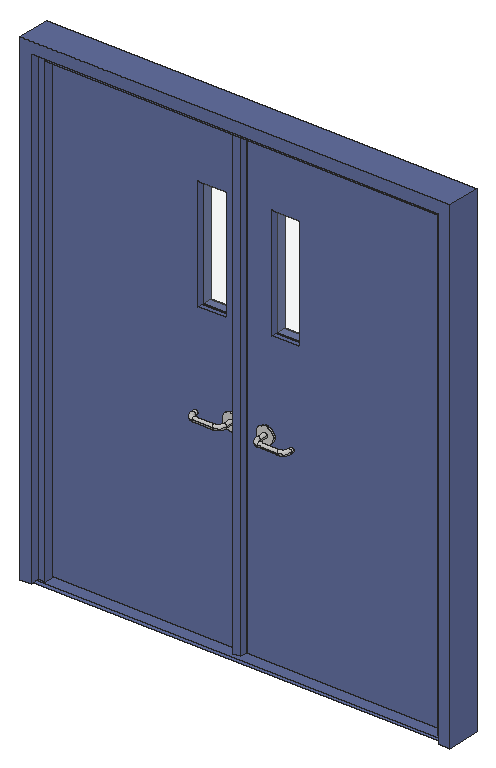
Revit family "Door_AcousticSteel_Ambico_Double-Vision", category Doors, host Wall, Revit 2026
Family settings
  Host = Wall
  Classification Number = 23.30.10.21.17.14
  Always vertical = Yes
  Cut with Voids When Loaded = No
  Shared = No
  Room Calculation Point = No
Parameters (values of type "ByType")
  ofst = if(AppliedPanel, 0' 1", 0' 0")  # 0' - 1"
  Wind Load = ""
  Water Penetration = ""
  Vision Lite Width [instance] = 0' - 5"
  Vision Lite Height [instance] = 1' - 8"
  Stile Width Latch [instance] = 0' - 4"
  StandardFrame = STCValue < 54  # no
  Sound Transmission Class (STC) = 55
  SmallAstrigal = STCValue < 53  # no
  Small Trim = and(STCValue > 48, STCValue < 53)  # no
  STCValue = 54
  Rail Width Top [instance] = 1' - 0"
  RO Offset = 0' - 0"
  Panel Height = Height - 0' 0 1/4"  # 6' - 11 3/4"
  Large Trim = STCValue = 53  # no
  HighSTCFrame = STCValue > 53  # yes
  Hardware Finish = Metal - Stainless Steel - Ambico - 4 Finish
  Handle Type Interior [instance] = Handle_Generic Lever : Handle_Generic Lever
  Handle Type Exterior [instance] = Handle_Generic Lever : Handle_Generic Lever
  Handle Height [instance] = 3' - 0"
  Glass Type = Glass - Glazing - Ambico - Clear
  Glass Thickness = 0' - 1 1/2"
  Function = Interior
  Frame Width = 0' - 2"
  Frame Thickness = 0' - 5 7/8"
  Frame Inset from Exterior [instance] = 0' - 0"
  Frame Finish = Metal - Steel - Ambico - Painted - Blue
  Building Code Conformance = ""
  AppliedPanel = STCValue > 53  # yes
  Air Infiltration = ""
  ASTM Conformance = ""
  Panel Width = Width / 2  # 3' - 0"
  Panel Material = Metal - Steel - Ambico - Painted - Blue
  Manufacturer Phone = "613-746-4663 "
  Warranty Duration (Years) = 0
  URL = "http://www.ambico.com/"
  Thickness = 0' - 1 3/4"
  Test Data = ""
  Specification = "http://www.arcat.com/sd/clients/ambico.html?coid=40356"
  SpecWizard = ""
  Send Message = "http://www.arcat.com/users.pl?action=UserEmail&company=Ambico Limited&coid=40356&rep=119&fax=800-465-8561&mf="
  Sales Information = "http://www.ambico.com/contact.html"
  Rough Width = (Width + (RO Offset * 2))  # 6' - 0"
  Rough Height = (Height + (RO Offset))  # 7' - 0"
  R_Value = 0
  Product Properties = ""
  Product Data = "http://www.arcat.com/arcatcos/cos40/arc40356.html"
  Manufacturer Website = "http://www.ambico.com/"
  Manufacturer Phone - Toll Free = "888-423-2224"
  Manufacturer Fax = "800-465-8561"
  Manufacturer Address = "1120 Cummings Ave. Ottawa, ON Canada K1J 7R8"
  Maintenance Schedule (Months) = 0
  Installation-Fabrication = "http://www.ambico.com/specs-a-cads-library.html"
  Installation Phase = ""
  Green Building-LEED = "http://www.arcat.com/green/clients/leed_data_40356.html"
  Model = "As Specified"
  Manufacturer = "Ambico Limited"
  Keynote = "08300"
  Height = 7' - 0"
  Wall Closure = By host
  Width = 6' - 0"
  Fire Rating = "As Specified in 08300"
  Expected Lifespan (Years) = 0
  Drawn By = "Sumex Design, Inc. / Robert S. Weygant, CSI, CDT, SCIP"
  Description = "Ambico Door as Specified"
  Copyright = "©Arcat Inc."
  Construction Details = "http://www.arcat.com/details/ambico/ambico.html?coid=40356"
  Building Codes = ""
  Assembly Code = ""
  ADA Compliant = yes
  AAMA Designation = ""
Reference planes (in)
  plane 1 "Center (Front/Back)": y = -34.46225
  plane 2 "Center (Left/Right)": x = 62.28704
  plane 3: z = 0
  plane 4 "Right": x = 100.28704
  plane 5 "Left": x = 24.28704
  plane 6 "Closure": y = -36.46225
  plane 7: z = 0
  plane 8 "Top of Frame": z = 86
  plane 9 "RO Top": z = 86
  plane 10 "RO Right": x = 100.28704
  plane 11 "RO Left": x = 24.28704
  plane 12 "Frame Ext": y = -31.96225
  plane 13 "Frame Int": y = -37.83725
  plane 14: x = 98.28704
  plane 15: x = 26.28704
  plane 16: z = 84
  plane 17: z = 36
  plane 18: y = -34.71225
  plane 19: y = -33.71225
  plane 20: y = -31.96225
Forms (in)
  Sweep 1, solid, material "Metal - Steel - Ambico - Painted - Blue" <- "Frame Finish", visible <- "StandardFrame"
    path origin (1.99114, -31.96225, 48) x (-1, 0, 0) y (0, 0, 1)
      loop
        line (-98.2959, -48) -> (-98.2959, 38) -> (-22.2959, 38) -> (-22.2959, -48)
    profile "P_Frame_Standard : P_Frame_Standard" origin (100.28704, -31.96225, 43) x (1, 0, 0) y (0, 1, 0)
      loop
        line (0, 0) -> (-2, 0) -> (-2, -1.9375) -> (-2.625, -1.9375) -> (-2.625, -3.4375) -> (-2, -3.4375) -> (-2, -5.875) -> (0, -5.875) -> (0, 0)
  Sweep 2, solid, material "Metal - Steel - Ambico - Painted - Blue" <- "Frame Finish", visible <- "Small Trim"
    path origin (1.99114, -31.96225, 48) x (-1, 0, 0) y (0, 0, 1)
      loop
        line (-96.2959, -48) -> (-96.2959, 36) -> (-24.2959, 36) -> (-24.2959, -48)
    profile origin (98.28704, -31.96225, 42) x (1, 0, 0) y (0, 1, 0)
      loop
        line (-0.625, -1.9375) -> (-0.875, -1.9375) -> (-0.875, -2.9375) -> (-0.625, -2.9375) -> (-0.625, -1.9375)
  Sweep 3, solid, material "Metal - Steel - Ambico - Painted - Blue" <- "Frame Finish", visible <- "Large Trim"
    path origin (1.99114, -31.96225, 48) x (-1, 0, 0) y (0, 0, 1)
      loop
        line (-96.2959, -48) -> (-96.2959, 36) -> (-24.2959, 36) -> (-24.2959, -48)
    profile origin (98.28704, -31.96225, 42) x (1, 0, 0) y (0, 1, 0)
      loop
        line (-0.625, -1.9375) -> (-0.875, -1.9375) -> (-1.29687, -1.9375) -> (-1.29687, -2.9375) -> (-1.04687, -2.9375) -> (-1.04687, -3.4375) -> (-0.625, -3.4375) -> (-0.625, -1.9375)
  Sweep 4, solid, material "Metal - Steel - Ambico - Painted - Blue" <- "Frame Finish", visible <- "HighSTCFrame"
    path origin (1.99114, -31.96225, 48) x (-1, 0, 0) y (0, 0, 1)
      loop
        line (-98.2959, -48) -> (-98.2959, 38) -> (-22.2959, 38) -> (-22.2959, -48)
    profile "P_Frame_HighSTC : P_Frame_HighSTC" origin (100.28704, -31.96225, 43) x (1, 0, 0) y (0, 1, 0)
      loop
        line (0, 0) -> (-2, 0) -> (-2, -1.9375) -> (-2.5, -1.9375) -> (-2.5, -2.9375) -> (-3.3125, -2.9375) -> (-3.3125, -4.4375) -> (-2, -4.4375) -> (-2, -5.875) -> (0, -5.875) -> (0, 0)
  Sweep 5, solid, material "Metal - Steel - Ambico - Painted - Blue" <- "Panel Material", visible <- "HighSTCFrame"
    path in 3D
      loop
        line (61.78704, -34.71225, 0.25) -> (61.78704, -34.71225, 83.5)
    profile origin (61.78704, -34.71225, 41.875) x (0, -1, 0) y (1, 0, 0)
      loop
        line (0, 0) -> (0, -1.3125) -> (1.3125, -1.3125) -> (1.3125, 0) -> (0, 0)
  Sweep 6, solid, material "Metal - Steel - Ambico - Painted - Blue" <- "Panel Material", visible <- "Large Trim"
    path in 3D
      loop
        line (62.28704, -33.71225, 0.25) -> (62.28704, -33.71225, 84)
    profile origin (62.28704, -33.71225, 42.125) x (0, -1, 0) y (1, 0, 0)
      loop
        line (0, 0) -> (0, -1.25) -> (1.25, -1.25) -> (1.25, 0) -> (0, 0)
  Sweep 7, solid, material "Metal - Steel - Ambico - Painted - Blue" <- "Panel Material", visible <- "SmallAstrigal"
    path in 3D
      loop
        line (62.28704, -33.71225, 0.25) -> (62.28704, -33.71225, 84)
    profile origin (62.28704, -33.71225, 42.125) x (0, -1, 0) y (1, 0, 0)
      loop
        line (0, 0) -> (0, -0.75) -> (1.25, -0.75) -> (1.25, 0) -> (0, 0)
  Extrusion 8, solid, material "Metal - Steel - Ambico - Painted - Blue" <- "Frame Finish"
    sketch origin (26.28704, 12, 120.75512) x (0, 0, 1) y (0, 1, 0)
      loop
        line (-120.50512, -43.96225) -> (-120.75512, -43.71225) -> (-120.75512, -49.21225) -> (-120.50512, -48.96225) -> (-120.50512, -43.96225)
    from 0 to -72
Lines and regions (in)
  Opening 1
    outline origin (-109.33485, -36.46225, 0) x (1, 0, 0) y (0, 0, 1)
      loop
        line (133.62189, 0) -> (209.62189, 0) -> (209.62189, 86) -> (133.62189, 86) -> (133.62189, 0)
  sketch lines
    curve 1: line (62.28704, -33.71225, 0.25) -> (62.28704, -33.71225, 84)
    curve 2: line (62.28704, -33.71225, 0.25) -> (62.28704, -33.71225, 84)
    curve 3: line (61.78704, -34.71225, 0.25) -> (61.78704, -34.71225, 83.5)
Text (in)
  text "Exterior" at (50.54558, 27.31104, 0), in view "A101 - Plan View"
  text "Interior" at (50.54558, -25.14366, 0), in view "A101 - Plan View"
  text "Exterior" at (0, -17.98638, 123.01588), in view "Right"
  text "Interior" at (0, -64.39139, 123.01588), in view "Right"
  text "Interior" at (0, -52.09468, 121.14095), in view "Left"
  text "Exterior" at (0, 26.35325, 123.00693), in view "Left"
Dimensions and locks (in)
  equal spacing: plane 4 "Right", plane 2 "Center (Left/Right)", plane 5 "Left"
  "RO Offset": plane 5 "Left" to plane 11 "RO Left"
  "RO Offset": plane 10 "RO Right" to plane 4 "Right"
  "RO Offset": plane 9 "RO Top" to plane 8 "Top of Frame"
  "Frame Thickness": plane 12 "Frame Ext" to plane 13 "Frame Int"
  "Frame Width": plane 16 to plane 8 "Top of Frame"
  "Frame Width": plane 4 "Right" to plane 14
  "Frame Width": plane 5 "Left" to plane 15
  "Frame Inset from Exterior": plane 20 to plane 12 "Frame Ext"
  "Handle Height": level to plane 17
  locked: plane 2 "Center (Left/Right)" to nested 3 at 3
  locked: plane 2 "Center (Left/Right)" to nested 2 at 3
  "Thickness": plane 12 "Frame Ext" to plane 19
  "ofst": plane 18 to plane 19
  locked: plane 2 "Center (Left/Right)" to nested 5 at 3
  locked: plane 2 "Center (Left/Right)" to nested 6 at 3
  locked: plane 20 to host wall at 0.5
  "Width": plane 15 to plane 14
  "Height": level to plane 16
  locked: plane 12 "Frame Ext" to Extrusion 8 sketch curve at 5
  aligned and locked: host wall to plane 1 "Center (Front/Back)"
  aligned and locked: host wall to plane 6 "Closure"
  aligned and locked: plane 12 "Frame Ext" to nested 1
  aligned and locked: plane 17 to nested 3
  aligned and locked: nested 2 to plane 17
  aligned and locked: nested 1 to plane 14
  aligned and locked: nested 4 to plane 15
  aligned and locked: plane 12 "Frame Ext" to nested 4
  aligned and locked: nested 5 to plane 17
  aligned and locked: plane 17 to nested 6
  aligned and locked: Extrusion 8 to plane 14
Automatic sketch dimensions
  Opening 1 sketch curve to plane 9 "RO Top" = 0' - 0"
  Opening 1 sketch curve to plane 11 "RO Left" = 0' - 0"
  Opening 1 sketch curve to plane 10 "RO Right" = 0' - 0"
  Opening 1 sketch curve to level = 0' - 0"
  Sweep 1 sketch curve to plane 4 "Right" = 0' - 0"
  Sweep 1 sketch curve to plane 5 "Left" = 0' - 0"
  Sweep 1 sketch curve to level = 0' - 0"  (x2)
  Sweep 1 sketch curve to plane 8 "Top of Frame" = 0' - 0"
  Sweep 2 sketch curve to plane 14 = 0' - 0"
  Sweep 2 sketch curve to plane 15 = 0' - 0"
  Sweep 2 sketch curve to level = 0' - 0"  (x2)
  Sweep 2 sketch curve to plane 16 = 0' - 0"
  profile plane to Sweep 2 sketch curve = 0' - 0 7/8"
  Sweep 2 sketch curve to Sweep 2 sketch curve = 0' - 0 1/4"
  Sweep 2 sketch curve to plane 12 "Frame Ext" = 0' - 2 15/16"
  Sweep 2 sketch curve to Sweep 2 sketch curve = 0' - 1"
  Sweep 3 sketch curve to plane 14 = 0' - 0"
  Sweep 3 sketch curve to plane 15 = 0' - 0"
  Sweep 3 sketch curve to level = 0' - 0"  (x2)
  Sweep 3 sketch curve to plane 16 = 0' - 0"
  profile plane to Sweep 3 sketch curve = 0' - 1 19/64"
  Sweep 3 sketch curve to Sweep 3 sketch curve = 0' - 0 1/4"  (x2)
  Sweep 3 sketch curve to Sweep 3 sketch curve = 0' - 0 27/64"
  Sweep 3 sketch curve to plane 12 "Frame Ext" = 0' - 3 7/16"
  Sweep 3 sketch curve to Sweep 3 sketch curve = 0' - 0 1/2"
  Sweep 3 sketch curve to Sweep 3 sketch curve = 0' - 1"
  Sweep 4 sketch curve to plane 4 "Right" = 0' - 0"
  Sweep 4 sketch curve to plane 5 "Left" = 0' - 0"
  Sweep 4 sketch curve to level = 0' - 0"  (x2)
  Sweep 4 sketch curve to plane 8 "Top of Frame" = 0' - 0"
  Sweep 5 sketch curve to profile plane = 0' - 0"  (x2)
  Sweep 5 sketch curve to profile plane = 0' - 1 5/16"
  Sweep 5 sketch curve to Sweep 5 sketch curve = 0' - 1 5/16"
  Sweep 6 sketch curve to profile plane = 0' - 0"  (x2)
  Sweep 6 sketch curve to profile plane = 0' - 1 1/4"
  Sweep 6 sketch curve to Sweep 6 sketch curve = 0' - 1 1/4"
  Sweep 7 sketch curve to profile plane = 0' - 0"  (x2)
  Sweep 7 sketch curve to profile plane = 0' - 1 1/4"
  Sweep 7 sketch curve to profile plane = 0' - 0 3/4"
  Extrusion 8 sketch curve to level = 0' - 0"
  Extrusion 8 sketch curve to plane 12 "Frame Ext" = 0' - 0"
  level to Extrusion 8 sketch curve = 0' - 0 1/4"
  Extrusion 8 sketch curve to Extrusion 8 sketch curve = 0' - 0 1/4"
  plane 12 "Frame Ext" to Extrusion 8 sketch curve = 0' - 0 1/4"
Nested families (in)
  nested 1: "Panel_VisionLite" at (80.28704, -32.83725, 0.25) x (-1, 0, 0) z (0, 0, 1), Material <- "Panel Material", Width <- "Panel Width", Thickness <- "Thickness", Height <- "Panel Height", Applied Panel <- "AppliedPanel", Glass Type <- "Glass Type", Vision Lite Width <- "Vision Lite Width", Vision Lite Height <- "Vision Lite Height", Stile Width_Latch <- "Stile Width Latch", Rail Width_Top <- "Rail Width Top", Glass Thickness <- "Glass Thickness", type "Panel_VisionLite"
    with offset 0' - 0", Width 3' - 0", Vision Lite Width 0' - 5", Vision Lite Height 1' - 8", Thickness 0' - 1 3/4", Stile Width_Latch 0' - 4", Rail Width_Top 1' - 0", Offset 0' - 0", Material Metal - Steel - Ambico - Painted - Blue, Inactive Leaf yes, Height 6' - 11 3/4", Glass Type Glass - Glazing - Ambico - Clear, Glass Thickness 0' - 1 1/2", Applied Panel yes
  nested 2: "Handle_Generic Lever" at (65.28704, -31.96225, 36) x (-1, 0, 0) z (0, 1, 0), Material <- "Hardware Finish", type <- "Handle Type Exterior", type "Handle_Generic Lever"
    with Material Metal - Stainless Steel - Ambico - 4 Finish
  nested 3: "Handle_Generic Lever" at (65.28704, -34.71225, 36) x (-1, 0, 0) z (0, -1, 0), Material <- "Hardware Finish", type <- "Handle Type Interior", type "Handle_Generic Lever"
    with Material Metal - Stainless Steel - Ambico - 4 Finish
  nested 4: "Panel_VisionLite" at (44.28704, -32.83725, 0.25), Material <- "Panel Material", Width <- "Panel Width", Thickness <- "Thickness", Height <- "Panel Height", Applied Panel <- "AppliedPanel", Glass Type <- "Glass Type", Vision Lite Width <- "Vision Lite Width", Vision Lite Height <- "Vision Lite Height", Stile Width_Latch <- "Stile Width Latch", Rail Width_Top <- "Rail Width Top", Glass Thickness <- "Glass Thickness", type "Panel_VisionLite"
    with offset 0' - 0", Width 3' - 0", Vision Lite Width 0' - 5", Vision Lite Height 1' - 8", Thickness 0' - 1 3/4", Stile Width_Latch 0' - 4", Rail Width_Top 1' - 0", Offset 0' - 1", Material Metal - Steel - Ambico - Painted - Blue, Inactive Leaf no, Height 6' - 11 3/4", Glass Type Glass - Glazing - Ambico - Clear, Glass Thickness 0' - 1 1/2", Applied Panel yes
  nested 5: "Handle_Generic Lever" at (59.28704, -34.71225, 36) x (1, 0, 0) z (0, -1, 0), Material <- "Hardware Finish", type <- "Handle Type Interior", type "Handle_Generic Lever"
    with Material Metal - Stainless Steel - Ambico - 4 Finish
  nested 6: "Handle_Generic Lever" at (59.28704, -31.96225, 36) x (1, 0, 0) z (0, 1, 0), Material <- "Hardware Finish", type <- "Handle Type Exterior", type "Handle_Generic Lever"
    with Material Metal - Stainless Steel - Ambico - 4 Finish
Definition of nested family "Panel_VisionLite"
  Parameters
    offset [instance] = 0' - 0"
    Width [instance] = 3' - 0"
    Warranty Duration (Years) = 0
    Vision Lite Width [instance] = 0' - 5"
    Vision Lite Height [instance] = 1' - 8"
    URL = "http://www.ambico.com/"
    Thickness [instance] = 0' - 2"
    Stile Width_Latch [instance] = 0' - 4"
    Specification = "http://www.arcat.com/sd/clients/ambico.html?coid=40356"
    SpecWizard = ""
    Send Message = "http://www.arcat.com/users.pl?action=UserEmail&company=Ambico Limited&coid=40356&rep=119&fax=800-465-8561&mf="
    Sales Information = "http://www.ambico.com/contact.html"
    Revision = "R1_03-2012"
    Rail Width_Top [instance] = 1' - 0"
    Product Properties = ""
    Product Data = "http://www.arcat.com/arcatcos/cos40/arc40356.html"
    Offset [instance] = if(Inactive Leaf, 0' 0", 0' 1")  # 0' - 0"
    Model = "As Specified"
    Material [instance] = none
    Manufacturer Website = "http://www.ambico.com/"
    Manufacturer Phone - Toll Free = "888-423-2224"
    Manufacturer Phone = "613-746-4663 "
    Manufacturer Fax = "800-465-8561"
    Manufacturer Address = "1120 Cummings Ave. Ottawa, ON Canada K1J 7R8"
    Manufacturer = "Ambico Limited"
    Maintenance Schedule (Months) = 0
    Keynote = "08300"
    Installation-Fabrication = "http://www.ambico.com/specs-a-cads-library.html"
    Installation Phase = ""
    Inactive Leaf [instance] = yes
    Height [instance] = 7' - 0"
    Green Building-LEED = "http://www.arcat.com/green/clients/leed_data_40356.html"
    Glass Type [instance] = none
    Glass Thickness [instance] = 0' - 1 1/2"
    Expected Lifespan (Years) = 0
    Drawn By = "Sumex Design, Inc. / Robert S. Weygant, CSI, CDT, SCIP"
    Description = "Ambico Door Product as Specified"
    Default Elevation = 4' - 0"
    Copyright = "©Arcat Inc."
    Construction Details = "http://www.arcat.com/details/ambico/ambico.html?coid=40356"
    Assembly Code = ""
    Applied Panel [instance] = yes
  Reference planes (in)
    plane 1 "Center (Front/Back)": y = 0
    plane 2 "Bottom": z = 0
    plane 3 "Center (Left/Right)": x = 0
    plane 4 "Front": y = -1
    plane 5 "Back": y = 1
    plane 6 "Left": x = -18
    plane 7 "Right": x = 18
    plane 8 "Top": z = 84
    plane 9: z = 42
    plane 10: x = 14
    plane 11: x = 9
    plane 12: z = 72
    plane 13: z = 52
    plane 14: y = 0.75
    plane 15: y = -0.75
    plane 16: x = 18.5
  Forms (in)
    Extrusion 1, solid, material <- "Material"
      sketch origin (0, 1, 0) x (-1, 0, 0) y (0, 0, 1)
        loop
          line (18, 84) -> (-18, 84) -> (-18, 0) -> (18, 0) -> (18, 84)
        loop
          line (-9, 72) -> (-14, 72) -> (-14, 52) -> (-9, 52) -> (-9, 72)
      from 0 to -2
    Extrusion 2, solid, material <- "Glass Type"
      sketch origin (0, 0.75, 85.37231) x (0, 0, 1) y (-1, 0, 0)
        loop
          line (-13.37231, -9) -> (-33.37231, -9) -> (-33.37231, -14) -> (-13.37231, -14) -> (-13.37231, -9)
      from 0 to 1.5
    Sweep 3, solid, material <- "Material"
      path origin (0, 1, 0) x (-1, 0, 0) y (0, 0, 1)
        loop
          line (-9, 72) -> (-14, 72) -> (-14, 52) -> (-9, 52) -> (-9, 72)
      profile origin (11.5, 1, 72) x (0, 0, -1) y (0, 1, 0)
        loop
          line (0, 0) -> (0, 0.125) -> (-1.5, 0.125) -> (-1.5, 0) -> (0, 0)
    Extrusion 4, solid, material <- "Material", visible <- "Applied Panel"
      sketch origin (-11.94222, -1, 48) x (-1, 0, 0) y (0, 0, 1)
        loop
          line (5.55778, 35.5) -> (-30.44222, 35.5) -> (-30.44222, -48) -> (5.55778, -48) -> (5.55778, 35.5)
        loop
          line (-20.94222, 24) -> (-25.94222, 24) -> (-25.94222, 4) -> (-20.94222, 4) -> (-20.94222, 24)
      from 0 to -1
  Cuts and joins
    joined: Extrusion 1, Sweep 3
  Lines and regions (in)
    symbolic lines
      curve 1: line (18, 0, 84) -> (-18, 0, 42)
      curve 2: line (-18, 0, 42) -> (18, 0, 0)
      curve 3: arc (18, 1, 0) -> (7.45584, 26.45584, 0) -> (-18, 37, 0) r 36
      curve 4: line (-18, 37, 0) -> (-18, 1, 0)
  Dimensions and locks (in)
    equal spacing: plane 6 "Left", plane 3 "Center (Left/Right)", plane 7 "Right"
    "Width": plane 6 "Left" to plane 7 "Right"
    equal spacing: plane 5 "Back", plane 1 "Center (Front/Back)", plane 4 "Front"
    "Thickness": plane 5 "Back" to plane 4 "Front"
    "Height": plane 8 "Top" to level
    equal spacing: plane 8 "Top", plane 9, level
    "Stile Width_Latch": plane 7 "Right" to plane 10
    "Vision Lite Width": plane 10 to plane 11
    "Rail Width_Top": plane 8 "Top" to plane 12
    "Vision Lite Height": plane 12 to plane 13
    equal spacing: plane 14, plane 1 "Center (Front/Back)", plane 15
    "Glass Thickness": plane 14 to plane 15
    locked: plane 16 to plane 7 "Right" at 0.5
    "Offset": plane 16 to Extrusion 4 sketch curve
    aligned and locked: Extrusion 1 to plane 4 "Front"
    aligned and locked: Extrusion 2 to plane 15
  Automatic sketch dimensions
    curve 1 to plane 6 "Left" = 0' - 0"
    curve 2 to level = 0' - 0"
    curve 2 to plane 7 "Right" = 0' - 0"
    curve 1 to plane 7 "Right" = 0' - 0"
    curve 1 to plane 9 = 0' - 0"
    curve 1 to plane 8 "Top" = 0' - 0"
    Extrusion 1 sketch curve to plane 7 "Right" = 0' - 0"
    Extrusion 1 sketch curve to plane 10 = 0' - 0"
    Extrusion 1 sketch curve to plane 11 = 0' - 0"
    Extrusion 1 sketch curve to plane 6 "Left" = 0' - 0"
    Extrusion 1 sketch curve to level = 0' - 0"
    Extrusion 1 sketch curve to plane 13 = 0' - 0"
    Extrusion 1 sketch curve to plane 12 = 0' - 0"
    Extrusion 1 sketch curve to plane 8 "Top" = 0' - 0"
    Extrusion 2 sketch curve to plane 11 = 0' - 0"
    Extrusion 2 sketch curve to plane 13 = 0' - 0"
    Extrusion 2 sketch curve to plane 12 = 0' - 0"
    Extrusion 2 sketch curve to plane 10 = 0' - 0"
    Sweep 3 sketch curve to plane 10 = 0' - 0"
    Sweep 3 sketch curve to plane 11 = 0' - 0"
    Sweep 3 sketch curve to plane 13 = 0' - 0"
    Sweep 3 sketch curve to plane 12 = 0' - 0"
    Sweep 3 sketch curve to plane 5 "Back" = 0' - 0"
    Sweep 3 sketch curve to profile plane = 0' - 0"
    plane 5 "Back" to Sweep 3 sketch curve = 0' - 0 1/8"
    profile plane to Sweep 3 sketch curve = 0' - 1 1/2"
    curve 4 to plane 5 "Back" = 0' - 0"
    curve 3 to plane 6 "Left" = 0' - 0"
    curve 3 to plane 5 "Back" = 0' - 0"
    curve 3 to plane 7 "Right" = 0' - 0"
    Extrusion 4 sketch curve to level = 0' - 0"
    Extrusion 4 sketch curve to plane 10 = 0' - 0"
    Extrusion 4 sketch curve to plane 11 = 0' - 0"
    Extrusion 4 sketch curve to plane 13 = 0' - 0"
    Extrusion 4 sketch curve to plane 12 = 0' - 0"
    plane 6 "Left" to Extrusion 4 sketch curve = 0' - 0 1/2"
    Extrusion 4 sketch curve to plane 8 "Top" = 0' - 0 1/2"
Definition of nested family "Handle_Generic Lever"
  Parameters
    Material [instance] = none
    Default Elevation = 4' - 0"
  Reference planes (in)
    plane 1 "Center (Front/Back)": y = 0
    plane 2: z = 0
    plane 3 "Center (Left/Right)": x = 0
  Forms (in)
    Sweep 1, solid, material <- "Material"
      path origin (0, 0, 0) x (1, 0, 0) y (0, 0, 1)
        loop
          line (0, 0) -> (0, 1.76511)
          arc (0, 1.76511) -> (-0.29289, 2.47221) -> (-1, 2.76511) r 1
          line (-1, 2.76511) -> (-4.5, 2.76511)
          arc (-4.5, 2.76511) -> (-5.20711, 2.47221) -> (-5.5, 1.76511) r 1
          line (-5.5, 1.76511) -> (-5.5, 1.26511)
      profile origin (0, 0, 0.88255) x (-1, 0, 0) y (0, -1, 0)
        loop
          circle (0, 0) r 0.375
    Extrusion 2, solid, material <- "Material"
      sketch origin (0, 0, 0) x (1, 0, 0) y (0, 1, 0)
        loop
          circle (0, 0) r 1.5
      from 0 to 0.25
  Cuts and joins
    joined: Sweep 1, Extrusion 2
